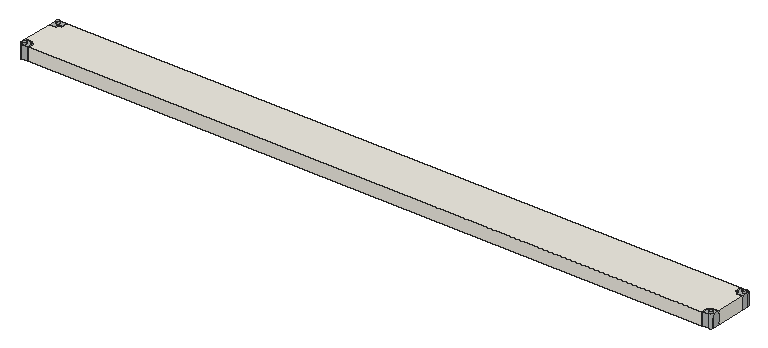
Revit family "HIGHTECH", category Осветительные приборы, Revit 2019 (continued)
Types (32, lengths in mm): name | Файл фотометрической сетки | built-in parameter 1150105 | Lumens | built-in parameter 1150106 | built-in parameter 1150142 | Wattage | Emit from Rectangle Width | Emit from Rectangle Length | Длина | Ширина | ADSK_Ток | ADSK_Полная мощность | ADSK_Обозначение | ADSK_Номинальная мощность | ADSK_Наименование | ADSK_Масса | ADSK_Код изделия
  Hightech-30/opal-sand 295х595 (IP54, 4000К, белый) c БАП на 1 час | "Светильник HIGHTECH-30 OPAL-SAND-(295x595).IES" | 198.94 (stored number, unit not read) | 2500 lm | 1.9894 (stored number, unit not read) | "IESNA:LM-63-95\r\n[TEST] Протокол №80\r\n[DATA]26.06.2016\r\n[MORE] \r\n[MANUFAC] ЗАО \"Центрстройсвет\"\r\n[LUMCAT]  Светильник HIGHTECH-30/OPAL-SAND-(295x595)\r\n[LUMINAIRE]\r\n[LAMPCAT] Светодиоды\r\n[LAMP] Поток источника света (светодиодов) не известен\r\n[MORE] КСС приведена в абсолютных величинах кд\r\n[MORE] Вместо потока лампы, указан поток светильника.\r\nTILT=NONE\r\n1    2420 1.0 37 73 1 2 0.295 0.595 0.04\r\n1.0 1.0 28.9\r\n0.0 5.0 10.0 15.0 20.0 25.0 30.0 35.0 40.0 45.0 50.0 55.0 60.0 65.0 70.0 75.0 80.0 85.0 90.0 95.0 100.0 105.0 110.0 115.0 120.0 125.0 130.0 135.0 140.0 145.0 150.0 155.0 160.0 165.0 170.0 175.0 180.0\r\n0.0 5.0 10.0 15.0 20.0 25.0 30.0 35.0 40.0 45.0 50.0 55.0 60.0 65.0 70.0 75.0 80.0 85.0 90.0 95.0 100.0 105.0 110.0 115.0 120.0 125.0 130.0 135.0 140.0 145.0 150.0 155.0 160.0 165.0 170.0 175.0 180.0 185.0 190.0 195.0 200.0 205.0 210.0 215.0 220.0 225.0 230.0 235.0 240.0 245.0 250.0 255.0 260.0 265.0 270.0 275.0 280.0 285.0 290.0 295.0 300.0 305.0 310.0 315.0 320.0 325.0 330.0 335.0 340.0 345.0 350.0 355.0 360.0\r\n911.1 908.3 889.4 861.2 824.6 779.8 729.1 674.3 613.8 546.0 479.1 412.2 342.1 274.7 206.6 142.5 83.1 30.5 0.2 0.0 0.0 0.0 0.0 0.0 0.0 0.0 0.0 0.0 0.0 0.0 0.0 0.0 0.0 0.0 0.0 0.0 0.0\r\n911.1 908.3 890.4 862.2 826.0 781.2 730.0 673.5 610.8 545.9 478.1 412.0 343.0 274.6 207.5 142.8 83.4 31.1 0.3 0.0 0.0 0.0 0.0 0.0 0.0 0.0 0.0 0.0 0.0 0.0 0.0 0.0 0.0 0.0 0.0 0.0 0.0\r\n911.1 908.5 890.5 862.8 826.3 781.1 729.7 670.6 612.5 548.7 480.3 412.7 344.4 275.2 207.5 143.5 83.8 31.5 0.3 0.0 0.0 0.0 0.0 0.0 0.0 0.0 0.0 0.0 0.0 0.0 0.0 0.0 0.0 0.0 0.0 0.0 0.0\r\n911.1 909.2 889.7 860.5 825.1 782.3 731.0 672.5 613.1 547.3 478.2 411.8 342.9 275.2 208.3 143.7 83.9 31.8 0.3 0.0 0.0 0.0 0.0 0.0 0.0 0.0 0.0 0.0 0.0 0.0 0.0 0.0 0.0 0.0 0.0 0.0 0.0\r\n911.1 909.0 891.0 861.5 825.6 782.4 732.7 675.9 611.0 545.2 481.9 413.1 344.4 276.1 208.3 144.0 84.6 32.0 0.3 0.0 0.0 0.0 0.0 0.0 0.0 0.0 0.0 0.0 0.0 0.0 0.0 0.0 0.0 0.0 0.0 0.0 0.0\r\n911.1 908.9 890.1 863.3 826.9 783.2 729.2 673.9 611.8 547.8 480.9 414.1 343.8 275.8 208.6 144.4 85.0 32.4 0.3 0.0 0.0 0.0 0.0 0.0 0.0 0.0 0.0 0.0 0.0 0.0 0.0 0.0 0.0 0.0 0.0 0.0 0.0\r\n911.1 908.9 890.0 862.2 828.3 782.8 731.1 675.1 614.3 547.6 481.3 413.0 345.8 276.7 208.8 145.0 85.3 32.6 0.4 0.0 0.0 0.0 0.0 0.0 0.0 0.0 0.0 0.0 0.0 0.0 0.0 0.0 0.0 0.0 0.0 0.0 0.0\r\n911.1 908.5 891.5 865.2 825.7 780.8 732.5 674.6 615.0 551.3 482.1 414.1 345.1 277.4 208.6 145.5 85.5 33.2 0.5 0.0 0.0 0.0 0.0 0.0 0.0 0.0 0.0 0.0 0.0 0.0 0.0 0.0 0.0 0.0 0.0 0.0 0.0\r\n911.1 908.2 891.4 865.6 827.3 781.0 734.3 676.9 614.9 549.4 482.0 413.8 346.2 277.0 209.5 145.9 86.0 33.8 0.4 0.0 0.0 0.0 0.0 0.0 0.0 0.0 0.0 0.0 0.0 0.0 0.0 0.0 0.0 0.0 0.0 0.0 0.0\r\n911.1 908.7 891.0 864.3 829.6 784.0 732.9 673.2 614.9 550.2 484.5 414.8 346.4 277.8 210.5 146.4 87.2 33.9 0.6 0.0 0.0 0.0 0.0 0.0 0.0 0.0 0.0 0.0 0.0 0.0 0.0 0.0 0.0 0.0 0.0 0.0 0.0\r\n911.1 909.3 890.7 863.4 828.2 782.7 733.6 675.6 617.1 551.3 485.9 416.5 347.0 279.5 211.3 147.1 87.6 34.5 0.8 0.0 0.0 0.0 0.0 0.0 0.0 0.0 0.0 0.0 0.0 0.0 0.0 0.0 0.0 0.0 0.0 0.0 0.0\r\n911.1 908.7 892.5 864.0 829.2 784.2 733.3 676.9 615.6 551.9 484.7 416.9 348.3 279.6 211.6 148.3 88.1 35.0 0.9 0.0 0.0 0.0 0.0 0.0 0.0 0.0 0.0 0.0 0.0 0.0 0.0 0.0 0.0 0.0 0.0 0.0 0.0\r\n911.1 907.6 892.1 865.2 827.4 784.6 731.8 676.8 617.7 552.8 485.1 418.8 350.7 281.3 212.5 148.4 89.0 35.7 1.0 0.0 0.0 0.0 0.0 0.0 0.0 0.0 0.0 0.0 0.0 0.0 0.0 0.0 0.0 0.0 0.0 0.0 0.0\r\n911.1 907.1 892.1 864.5 830.2 788.3 733.6 677.4 617.3 552.0 487.9 420.8 349.8 281.3 213.4 149.2 89.9 36.2 1.3 0.0 0.0 0.0 0.0 0.0 0.0 0.0 0.0 0.0 0.0 0.0 0.0 0.0 0.0 0.0 0.0 0.0 0.0\r\n911.1 907.7 891.9 865.7 828.5 785.6 735.2 678.9 620.0 555.8 488.8 421.1 351.5 282.7 215.2 149.7 90.8 36.9 1.5 0.0 0.0 0.0 0.0 0.0 0.0 0.0 0.0 0.0 0.0 0.0 0.0 0.0 0.0 0.0 0.0 0.0 0.0\r\n911.1 907.8 891.0 864.8 830.1 786.1 738.7 679.4 616.5 556.6 490.6 420.2 352.4 284.5 215.4 151.3 91.1 37.6 1.5 0.0 0.0 0.0 0.0 0.0 0.0 0.0 0.0 0.0 0.0 0.0 0.0 0.0 0.0 0.0 0.0 0.0 0.0\r\n911.1 907.6 892.2 865.5 829.8 785.3 740.8 681.1 621.3 555.2 488.2 422.8 352.5 285.0 216.2 151.5 92.2 38.3 1.9 0.0 0.0 0.0 0.0 0.0 0.0 0.0 0.0 0.0 0.0 0.0 0.0 0.0 0.0 0.0 0.0 0.0 0.0\r\n911.1 907.4 892.1 866.1 829.8 787.6 737.3 681.4 621.4 556.0 491.1 422.7 354.9 284.7 217.1 152.4 93.0 39.4 2.0 0.0 0.0 0.0 0.0 0.0 0.0 0.0 0.0 0.0 0.0 0.0 0.0 0.0 0.0 0.0 0.0 0.0 0.0\r\n911.1 907.1 892.7 864.9 831.7 788.2 738.4 680.3 623.5 555.8 491.4 423.2 354.0 286.0 218.2 152.8 93.7 40.1 1.9 0.0 0.0 0.0 0.0 0.0 0.0 0.0 0.0 0.0 0.0 0.0 0.0 0.0 0.0 0.0 0.0 0.0 0.0\r\n911.1 907.4 892.3 867.6 830.6 789.2 737.9 683.1 622.5 558.1 492.5 424.4 355.9 287.7 219.1 154.3 94.7 40.4 2.5 0.0 0.0 0.0 0.0 0.0 0.0 0.0 0.0 0.0 0.0 0.0 0.0 0.0 0.0 0.0 0.0 0.0 0.0\r\n911.1 907.5 892.4 866.9 832.1 790.0 736.6 683.9 623.3 559.4 493.1 425.9 357.0 288.4 220.1 155.2 95.3 41.1 2.6 0.0 0.0 0.0 0.0 0.0 0.0 0.0 0.0 0.0 0.0 0.0 0.0 0.0 0.0 0.0 0.0 0.0 0.0\r\n911.1 906.9 893.0 866.2 832.9 789.5 740.6 686.4 622.6 558.9 494.6 425.2 357.7 289.6 220.8 156.1 95.8 41.9 2.6 0.0 0.0 0.0 0.0 0.0 0.0 0.0 0.0 0.0 0.0 0.0 0.0 0.0 0.0 0.0 0.0 0.0 0.0\r\n911.1 906.5 892.0 867.1 832.6 789.9 741.4 686.3 627.3 561.0 497.2 429.6 357.8 290.1 222.7 156.4 96.7 42.4 3.1 0.0 0.0 0.0 0.0 0.0 0.0 0.0 0.0 0.0 0.0 0.0 0.0 0.0 0.0 0.0 0.0 0.0 0.0\r\n911.1 906.8 892.3 868.3 834.8 789.8 739.1 686.9 625.0 562.3 496.2 428.6 359.5 290.7 222.5 158.0 97.5 42.6 3.4 0.0 0.0 0.0 0.0 0.0 0.0 0.0 0.0 0.0 0.0 0.0 0.0 0.0 0.0 0.0 0.0 0.0 0.0\r\n911.1 907.7 893.1 868.2 834.1 793.7 743.1 687.9 626.4 562.8 495.5 430.8 360.5 292.6 223.4 158.6 97.7 43.5 3.3 0.0 0.0 0.0 0.0 0.0 0.0 0.0 0.0 0.0 0.0 0.0 0.0 0.0 0.0 0.0 0.0 0.0 0.0\r\n911.1 908.2 893.8 868.2 835.6 793.6 743.3 688.3 626.0 564.5 498.1 431.2 361.0 293.4 224.3 158.9 98.6 44.0 3.5 0.0 0.0 0.0 0.0 0.0 0.0 0.0 0.0 0.0 0.0 0.0 0.0 0.0 0.0 0.0 0.0 0.0 0.0\r\n911.1 906.7 894.2 868.9 835.7 792.8 743.7 688.3 628.3 564.5 497.7 430.5 361.2 293.3 224.8 160.4 99.3 44.4 3.7 0.0 0.0 0.0 0.0 0.0 0.0 0.0 0.0 0.0 0.0 0.0 0.0 0.0 0.0 0.0 0.0 0.0 0.0\r\n911.1 906.5 894.7 867.9 834.7 795.0 744.2 689.6 630.1 566.4 499.6 431.8 363.0 294.1 225.6 160.8 100.0 45.1 3.6 0.0 0.0 0.0 0.0 0.0 0.0 0.0 0.0 0.0 0.0 0.0 0.0 0.0 0.0 0.0 0.0 0.0 0.0\r\n911.1 906.5 895.1 869.9 835.9 794.8 744.6 690.7 627.4 566.4 500.2 432.4 364.0 294.7 227.0 161.2 100.6 45.6 3.8 0.0 0.0 0.0 0.0 0.0 0.0 0.0 0.0 0.0 0.0 0.0 0.0 0.0 0.0 0.0 0.0 0.0 0.0\r\n911.1 906.1 895.4 869.1 835.9 794.7 746.0 689.6 630.7 566.6 499.6 432.7 363.1 295.7 227.9 161.9 100.9 46.3 4.0 0.0 0.0 0.0 0.0 0.0 0.0 0.0 0.0 0.0 0.0 0.0 0.0 0.0 0.0 0.0 0.0 0.0 0.0\r\n911.1 906.1 894.6 870.7 836.3 795.3 746.6 689.6 632.6 567.7 500.1 432.1 364.4 296.0 227.8 162.7 101.4 46.4 4.5 0.0 0.0 0.0 0.0 0.0 0.0 0.0 0.0 0.0 0.0 0.0 0.0 0.0 0.0 0.0 0.0 0.0 0.0\r\n911.1 906.3 895.6 868.8 835.5 793.2 745.3 690.7 630.8 568.5 500.6 433.3 364.7 295.8 227.5 162.6 101.3 46.8 4.6 0.0 0.0 0.0 0.0 0.0 0.0 0.0 0.0 0.0 0.0 0.0 0.0 0.0 0.0 0.0 0.0 0.0 0.0\r\n911.1 907.0 895.4 871.8 837.5 794.5 744.5 690.6 631.8 568.8 502.5 436.2 365.6 296.2 228.3 163.9 101.9 47.1 4.6 0.0 0.0 0.0 0.0 0.0 0.0 0.0 0.0 0.0 0.0 0.0 0.0 0.0 0.0 0.0 0.0 0.0 0.0\r\n911.1 907.6 895.4 871.8 839.2 796.0 747.1 690.6 629.6 567.5 501.4 434.5 365.7 297.2 228.8 163.4 102.4 47.5 4.6 0.0 0.0 0.0 0.0 0.0 0.0 0.0 0.0 0.0 0.0 0.0 0.0 0.0 0.0 0.0 0.0 0.0 0.0\r\n911.1 906.1 895.5 871.6 838.7 794.9 748.2 694.5 632.4 570.3 502.5 434.5 365.5 297.1 229.4 164.0 102.4 47.5 4.7 0.0 0.0 0.0 0.0 0.0 0.0 0.0 0.0 0.0 0.0 0.0 0.0 0.0 0.0 0.0 0.0 0.0 0.0\r\n911.1 904.8 895.9 869.8 836.7 797.2 747.1 691.9 633.4 569.5 503.4 435.1 366.2 298.1 229.3 163.6 102.3 47.2 4.3 0.0 0.0 0.0 0.0 0.0 0.0 0.0 0.0 0.0 0.0 0.0 0.0 0.0 0.0 0.0 0.0 0.0 0.0\r\n911.1 905.3 894.0 871.2 840.2 796.2 748.3 691.8 631.5 572.4 503.6 433.5 366.8 297.9 229.2 163.3 101.8 46.8 3.8 0.0 0.0 0.0 0.0 0.0 0.0 0.0 0.0 0.0 0.0 0.0 0.0 0.0 0.0 0.0 0.0 0.0 0.0\r\n911.1 906.0 894.9 870.9 837.1 795.0 745.7 693.0 630.8 569.0 503.7 436.4 366.4 297.7 229.8 163.4 101.8 46.5 3.4 0.0 0.0 0.0 0.0 0.0 0.0 0.0 0.0 0.0 0.0 0.0 0.0 0.0 0.0 0.0 0.0 0.0 0.0\r\n911.1 905.6 893.6 871.4 839.9 797.6 749.1 691.5 633.0 570.8 502.5 434.8 366.1 296.6 228.5 162.8 101.0 46.0 2.9 0.0 0.0 0.0 0.0 0.0 0.0 0.0 0.0 0.0 0.0 0.0 0.0 0.0 0.0 0.0 0.0 0.0 0.0\r\n911.1 905.5 894.6 871.9 838.0 794.6 747.0 692.0 634.0 569.3 502.9 435.5 366.8 296.4 228.8 163.2 101.1 46.1 2.8 0.0 0.0 0.0 0.0 0.0 0.0 0.0 0.0 0.0 0.0 0.0 0.0 0.0 0.0 0.0 0.0 0.0 0.0\r\n911.1 906.2 893.1 871.0 837.2 796.8 749.0 694.0 633.1 569.5 503.5 436.7 366.4 297.6 228.4 162.6 101.3 45.7 2.8 0.0 0.0 0.0 0.0 0.0 0.0 0.0 0.0 0.0 0.0 0.0 0.0 0.0 0.0 0.0 0.0 0.0 0.0\r\n911.1 905.4 893.6 869.9 837.0 796.8 747.6 692.4 634.5 568.4 503.4 433.2 365.8 296.2 227.1 162.3 100.7 45.6 2.7 0.0 0.0 0.0 0.0 0.0 0.0 0.0 0.0 0.0 0.0 0.0 0.0 0.0 0.0 0.0 0.0 0.0 0.0\r\n911.1 905.2 893.1 870.9 837.6 799.4 749.7 694.6 632.4 569.7 501.2 433.7 366.5 296.3 227.6 162.0 100.7 45.2 2.6 0.0 0.0 0.0 0.0 0.0 0.0 0.0 0.0 0.0 0.0 0.0 0.0 0.0 0.0 0.0 0.0 0.0 0.0\r\n911.1 905.6 892.8 867.9 836.3 795.3 747.6 693.8 632.3 568.8 503.5 433.9 364.4 295.4 227.4 162.1 100.2 45.0 2.6 0.0 0.0 0.0 0.0 0.0 0.0 0.0 0.0 0.0 0.0 0.0 0.0 0.0 0.0 0.0 0.0 0.0 0.0\r\n911.1 906.0 891.2 869.4 838.7 796.6 744.5 691.3 630.5 568.4 500.5 432.6 364.8 294.7 226.6 161.5 99.4 44.6 2.4 0.0 0.0 0.0 0.0 0.0 0.0 0.0 0.0 0.0 0.0 0.0 0.0 0.0 0.0 0.0 0.0 0.0 0.0\r\n911.1 906.3 892.3 868.8 836.4 794.7 746.4 690.6 628.4 567.4 501.0 433.5 364.4 294.7 226.3 161.5 99.1 44.1 2.3 0.0 0.0 0.0 0.0 0.0 0.0 0.0 0.0 0.0 0.0 0.0 0.0 0.0 0.0 0.0 0.0 0.0 0.0\r\n911.1 906.1 891.2 870.3 836.5 796.5 746.5 691.1 630.2 565.4 501.0 432.5 361.6 293.6 224.8 160.3 98.9 43.7 2.2 0.0 0.0 0.0 0.0 0.0 0.0 0.0 0.0 0.0 0.0 0.0 0.0 0.0 0.0 0.0 0.0 0.0 0.0\r\n911.1 906.7 892.3 869.5 834.4 794.2 744.3 688.5 631.3 567.2 500.0 431.6 362.1 292.6 224.4 159.4 98.3 43.1 2.1 0.0 0.0 0.0 0.0 0.0 0.0 0.0 0.0 0.0 0.0 0.0 0.0 0.0 0.0 0.0 0.0 0.0 0.0\r\n911.1 906.3 891.7 869.3 838.3 794.6 745.1 687.7 632.2 566.3 497.6 429.3 361.9 293.2 223.9 158.7 97.6 42.4 1.9 0.0 0.0 0.0 0.0 0.0 0.0 0.0 0.0 0.0 0.0 0.0 0.0 0.0 0.0 0.0 0.0 0.0 0.0\r\n911.1 906.6 891.2 870.7 835.8 791.7 742.2 688.7 628.2 564.3 497.8 429.8 361.0 291.5 223.5 157.7 97.3 42.0 1.8 0.0 0.0 0.0 0.0 0.0 0.0 0.0 0.0 0.0 0.0 0.0 0.0 0.0 0.0 0.0 0.0 0.0 0.0\r\n911.1 906.1 891.3 868.6 834.6 791.7 744.4 685.8 625.4 562.6 496.6 428.8 360.1 290.5 222.4 157.1 96.1 41.3 1.7 0.0 0.0 0.0 0.0 0.0 0.0 0.0 0.0 0.0 0.0 0.0 0.0 0.0 0.0 0.0 0.0 0.0 0.0\r\n911.1 905.2 892.6 868.1 835.0 791.5 742.2 686.7 625.4 563.1 497.3 427.9 358.4 290.7 221.2 155.8 95.6 40.8 1.5 0.0 0.0 0.0 0.0 0.0 0.0 0.0 0.0 0.0 0.0 0.0 0.0 0.0 0.0 0.0 0.0 0.0 0.0\r\n911.1 905.3 892.8 868.0 833.0 791.3 744.3 685.1 623.6 560.5 492.9 426.5 357.2 288.9 220.3 154.7 94.8 40.1 1.3 0.0 0.0 0.0 0.0 0.0 0.0 0.0 0.0 0.0 0.0 0.0 0.0 0.0 0.0 0.0 0.0 0.0 0.0\r\n911.1 906.6 890.8 868.3 833.0 790.4 741.1 685.4 624.1 560.7 492.9 424.1 356.4 288.9 219.7 154.0 93.5 39.4 1.2 0.0 0.0 0.0 0.0 0.0 0.0 0.0 0.0 0.0 0.0 0.0 0.0 0.0 0.0 0.0 0.0 0.0 0.0\r\n911.1 907.4 891.8 866.4 833.1 790.2 739.5 683.6 621.7 561.4 494.4 424.6 356.0 287.1 219.0 153.3 92.5 38.6 1.1 0.0 0.0 0.0 0.0 0.0 0.0 0.0 0.0 0.0 0.0 0.0 0.0 0.0 0.0 0.0 0.0 0.0 0.0\r\n911.1 907.0 891.7 867.9 832.2 788.0 736.3 683.3 623.7 556.4 492.1 424.3 353.3 286.6 217.1 152.4 91.9 37.8 0.8 0.0 0.0 0.0 0.0 0.0 0.0 0.0 0.0 0.0 0.0 0.0 0.0 0.0 0.0 0.0 0.0 0.0 0.0\r\n911.1 906.8 892.1 865.5 829.5 787.9 737.3 680.4 618.9 555.6 491.7 423.2 353.3 284.2 216.2 151.5 91.3 37.0 0.7 0.0 0.0 0.0 0.0 0.0 0.0 0.0 0.0 0.0 0.0 0.0 0.0 0.0 0.0 0.0 0.0 0.0 0.0\r\n911.1 906.0 890.4 864.7 830.5 788.2 737.8 682.0 618.5 554.8 489.2 421.0 352.5 282.8 214.0 149.9 90.1 36.6 0.6 0.0 0.0 0.0 0.0 0.0 0.0 0.0 0.0 0.0 0.0 0.0 0.0 0.0 0.0 0.0 0.0 0.0 0.0\r\n911.1 905.1 891.5 865.2 828.0 784.8 738.1 677.5 619.3 553.0 488.5 419.0 350.1 282.1 214.0 149.5 89.3 35.6 0.4 0.0 0.0 0.0 0.0 0.0 0.0 0.0 0.0 0.0 0.0 0.0 0.0 0.0 0.0 0.0 0.0 0.0 0.0\r\n911.1 906.0 891.6 863.4 826.4 784.8 735.2 679.4 616.1 553.3 487.5 418.1 349.5 281.2 213.4 148.4 88.5 34.8 0.3 0.0 0.0 0.0 0.0 0.0 0.0 0.0 0.0 0.0 0.0 0.0 0.0 0.0 0.0 0.0 0.0 0.0 0.0\r\n911.1 906.8 890.4 864.5 828.0 784.0 735.1 678.8 616.8 551.9 484.6 417.7 349.7 279.3 211.1 147.6 87.7 34.2 0.3 0.0 0.0 0.0 0.0 0.0 0.0 0.0 0.0 0.0 0.0 0.0 0.0 0.0 0.0 0.0 0.0 0.0 0.0\r\n911.1 907.5 888.8 862.0 826.9 780.2 732.3 675.0 614.9 551.2 485.3 416.4 346.6 278.8 211.6 146.2 86.7 33.6 0.2 0.0 0.0 0.0 0.0 0.0 0.0 0.0 0.0 0.0 0.0 0.0 0.0 0.0 0.0 0.0 0.0 0.0 0.0\r\n911.1 907.5 889.7 863.2 826.6 785.1 732.2 672.0 614.2 551.3 484.5 416.7 346.2 277.6 210.1 145.9 85.8 32.8 0.2 0.0 0.0 0.0 0.0 0.0 0.0 0.0 0.0 0.0 0.0 0.0 0.0 0.0 0.0 0.0 0.0 0.0 0.0\r\n911.1 907.3 890.1 863.9 825.1 780.0 730.7 678.4 612.1 549.9 481.9 414.5 344.9 276.9 209.3 145.1 85.2 32.3 0.1 0.0 0.0 0.0 0.0 0.0 0.0 0.0 0.0 0.0 0.0 0.0 0.0 0.0 0.0 0.0 0.0 0.0 0.0\r\n911.1 908.5 889.1 862.4 825.5 781.7 731.2 672.6 612.0 547.6 482.4 413.8 345.8 275.4 208.5 144.0 84.8 31.6 0.1 0.0 0.0 0.0 0.0 0.0 0.0 0.0 0.0 0.0 0.0 0.0 0.0 0.0 0.0 0.0 0.0 0.0 0.0\r\n911.1 908.0 889.3 861.7 824.9 780.9 731.0 672.8 611.9 545.5 481.0 411.8 343.3 274.8 207.7 143.4 84.0 31.2 0.1 0.0 0.0 0.0 0.0 0.0 0.0 0.0 0.0 0.0 0.0 0.0 0.0 0.0 0.0 0.0 0.0 0.0 0.0\r\n911.1 906.5 887.9 861.2 824.2 781.5 729.8 672.2 609.7 547.2 479.7 411.1 343.5 274.5 206.8 143.2 83.6 30.7 0.1 0.0 0.0 0.0 0.0 0.0 0.0 0.0 0.0 0.0 0.0 0.0 0.0 0.0 0.0 0.0 0.0 0.0 0.0\r\n911.1 906.8 888.0 859.9 826.4 781.3 727.9 671.1 610.9 546.9 478.6 411.5 342.5 274.4 207.1 142.8 83.0 30.3 0.1 0.0 0.0 0.0 0.0 0.0 0.0 0.0 0.0 0.0 0.0 0.0 0.0 0.0 0.0 0.0 0.0 0.0 0.0\r\n911.1 907.2 889.6 859.4 824.1 778.8 730.0 672.0 610.3 544.9 478.2 410.6 341.6 274.5 206.3 141.9 82.8 30.0 0.1 0.0 0.0 0.0 0.0 0.0 0.0 0.0 0.0 0.0 0.0 0.0 0.0 0.0 0.0 0.0 0.0 0.0 0.0\r\n911.1 908.0 888.9 861.7 823.7 778.6 726.6 673.0 609.3 546.3 478.0 409.7 341.7 273.2 206.1 141.7 82.2 29.9 0.0 0.0 0.0 0.0 0.0 0.0 0.0 0.0 0.0 0.0 0.0 0.0 0.0 0.0 0.0 0.0 0.0 0.0 0.0\r\n911.1 908.5 889.0 862.2 823.5 778.2 729.5 669.6 608.8 545.8 478.2 411.0 340.7 272.7 206.2 142.0 82.2 29.8 0.1 0.0 0.0 0.0 0.0 0.0 0.0 0.0 0.0 0.0 0.0 0.0 0.0 0.0 0.0 0.0 0.0 0.0 0.0\r\n911.1 908.3 889.7 863.3 826.0 781.1 728.4 671.9 608.5 545.7 478.5 410.8 342.7 273.4 205.7 141.8 82.4 30.1 0.2 0.0 0.0 0.0 0.0 0.0 0.0 0.0 0.0 0.0 0.0 0.0 0.0 0.0 0.0 0.0 0.0 0.0 0.0\r\n911.1 908.3 889.4 861.2 824.6 779.8 729.1 674.3 613.8 546.0 479.1 412.2 342.1 274.7 206.6 142.5 83.1 30.5 0.2 0.0 0.0 0.0 0.0 0.0 0.0 0.0 0.0 0.0 0.0 0.0 0.0 0.0 0.0 0.0 0.0 0.0 0.0\r\n" | 16.8303 W | 255 | 555 | 595 | 295 | 0.141777 A | 32.6087 VA | "Hightech-30/opal-sand 295х595 (IP54, 4000К, белый)" | 30 W | "Универсальный светодиодный светильник Hightech-30/opal-sand 295х595 (IP54, 4000К, белый) c БАП на 1 час" | 1.4 | "ЦБ000007577"
